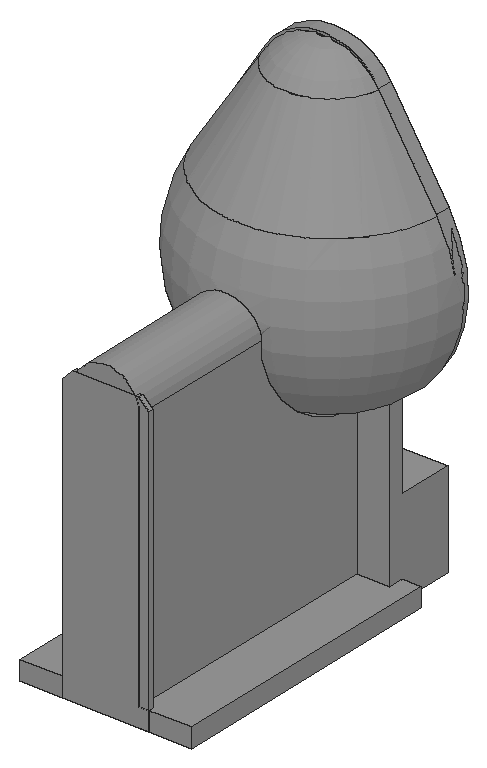
Revit family "Toilet-Willoughby-1490-HET-ETW-FM-BS", category Plumbing Fixtures, host Face, Revit 2014
Parameters (values of type "Standard")
  Waste DIA = 2 1/4"
  Waste Connection = yes
  W-RAD [instance] = Waste DIA / 2  # 0' - 1 1/8"
  Vent Connection = no
  URL = "www.willoughby-ind.com"
  Type Comments = ""
  Revision = "A"
  Model = "ETW-1490-HET-FM-BS"
  Manufacturer = "Willoughby Industries"
  HW Connection = no
  Flush inlet DIA = 1 1/2"
  Flush Inlet Connection = yes
  Fixture Body = Stainless Steel AISI 304-Willoughby
  F-RAD [instance] = Flush inlet DIA / 2  # 0' - 0 3/4"
  Description = "Floor Mounted Toilet"
  Default Elevation = 0' - 0"
  Contact Number = "(800) 428-4065"
  CW Connection = no
Reference planes (in)
  plane 1 "Base": y = -16.25
  plane 2: z = 0
  plane 3 "Center": x = 18.31072
  plane 4 "Waste height": y = -4.75
  plane 5: y = -1.25
  plane 6: z = -6.75
  plane 7: y = -2.125
  plane 8: y = -14.0625
  plane 9: y = 0.5
  plane 10: x = 16.56072
  plane 11: x = 20.06072
  plane 12: x = 11.56072
  plane 13: x = 25.06072
Forms (in)
  Extrusion 1, solid, material "Stainless Steel AISI 304-Willoughby" <- "Fixture Body"
    sketch origin (16.08109, 7.47968, -7.1422) x (-1, 0, 0) y (0, 0, -1)
      loop
        line (1.29775, -16.80087) -> (1.29775, -7.1422) -> (-5.72963, -7.1422) -> (-5.72963, -16.81676)
        arc (-5.72963, -16.81676) -> (-8.98136, -21.11843) -> (-8.21015, -26.45542) r 7
        line (-8.21015, -26.45542) -> (-5.16818, -31.31054)
        arc (-5.16818, -31.31054) -> (-2.20225, -32.95225) -> (0.76368, -31.31054) r 3.5
        line (0.76368, -31.31054) -> (3.80565, -26.45542)
        arc (3.80565, -26.45542) -> (4.5729, -21.10311) -> (1.29775, -16.80087) r 7
      loop
        arc (2.03989, -24.70557) -> (-2.20225, -18.23804) -> (-6.44438, -24.70557) r 4.625
        line (-6.44438, -24.70557) -> (-4.04125, -30.23842)
        arc (-4.04125, -30.23842) -> (-2.20225, -31.45225) -> (-0.36324, -30.23842) r 2
        line (-0.36324, -30.23842) -> (2.03989, -24.70557)
    from 8.72968 to 9.5
  Revolve 2, solid, material "Stainless Steel AISI 304-Willoughby" <- "Fixture Body"
    sketch origin (19.37246, -1.52032, -3.93826) x (-1, 0, 0) y (0, 0, -1)
      loop
        line (1.06174, -12.59906) -> (1.06174, -12.84906)
        arc (1.06174, -12.84906) -> (6.96784, -16.33096) -> (6.78077, -23.18447) r 6.75
        line (6.78077, -23.18447) -> (3.81535, -27.91457)
        arc (3.81535, -27.91457) -> (2.63527, -29.03194) -> (1.06174, -29.43826) r 3.25
        line (1.06174, -29.43826) -> (1.06174, -29.68826)
        arc (1.06174, -29.68826) -> (2.75672, -29.25045) -> (4.02767, -28.04656) r 3.5
        line (4.02767, -28.04656) -> (7.06964, -23.19143)
        arc (7.06964, -23.19143) -> (7.15052, -16.14555) -> (1.06174, -12.59906) r 7
      axis (1.06174, -12.59906) -> (1.06174, -29.68826)
    angle from 0 to -180
  Extrusion 3, solid, material "Stainless Steel AISI 304-Willoughby" <- "Fixture Body"
    sketch origin (19.53334, -3.02032, -4.9508) x (0, 1, 0) y (0, 0, 1)
      loop
        line (-5.27082, 4.9508) -> (1, 4.9508) -> (1, 13.76086)
        arc (1, 13.76086) -> (-2.93256, 15.26109) -> (-5.27082, 18.76086) r 6.92744
        line (-5.27082, 18.76086) -> (-5.27082, 4.9508)
    from 0.52738 to -2.97262
  Extrusion 4, solid, material "Stainless Steel AISI 304-Willoughby" <- "Fixture Body"
    sketch origin (0, 14.59309, -3) x (1, 0, 0) y (0, 1, 0)
      loop
        circle (18.31072, -19.34309) r 1.125
    from 5.5 to 0
  Extrusion 5, solid, material "Stainless Steel AISI 304-Willoughby" <- "Fixture Body"
    sketch origin (18.31072, 0, -1) x (0, 1, 0) y (0, 0, 1)
      loop
        line (-1.25, 1) -> (1.75, 1) -> (1.75, 6) -> (-1.25, 6) -> (-1.25, 1)
    from -3.52738 to 3.5
  Extrusion 6, solid, material "Stainless Steel AISI 304-Willoughby" <- "Fixture Body"
    sketch origin (0, 0, 0) x (1, 0, 0) y (0, 1, 0)
      loop
        circle (18.31072, 0.5) r 0.75
    from 0 to 1
  Extrusion 7, solid, material "Stainless Steel AISI 304-Willoughby" <- "Fixture Body"
    sketch origin (0, -16.25, 0) x (1, 0, 0) y (0, 0, 1)
      loop
        line (22.81072, 0) -> (22.81072, 1) -> (13.81072, 1) -> (13.81072, 0) -> (22.81072, 0)
    from -15 to 0
  Extrusion 8, solid, material "Stainless Steel AISI 304-Willoughby" <- "Fixture Body"
    sketch origin (0, -16.25, 0) x (1, 0, 0) y (0, 0, 1)
      loop
        line (20.06072, 0) -> (20.06072, 14.68252)
        arc (20.06072, 14.68252) -> (18.31072, 16.43252) -> (16.56072, 14.68252) r 1.75
        line (16.56072, 14.68252) -> (16.56072, 0) -> (20.06072, 0)
    from 0 to -7.95886
  Extrusion 9, solid, material "Stainless Steel AISI 304-Willoughby" <- "Fixture Body"
    sketch origin (0, -16.25, 0) x (1, 0, 0) y (0, 0, 1)
      loop
        line (20.06072, 0) -> (20.56072, 0) -> (20.56072, 15) -> (20.03039, 15.53033) -> (16.59105, 15.53033) -> (16.06072, 15) -> (16.06072, 0) -> (16.56072, 0) -> (20.06072, 0)
    from 0 to -0.25
Cuts and joins
  joined: Extrusion 1, Revolve 2, Extrusion 3, Extrusion 5, Extrusion 7, Extrusion 8
Lines and regions (in)
  model lines, detail levels coarse+medium
    curve 1: line (18.31072, -16.25, 0) -> (18.31072, -16.25, 16.43252)
    curve 2: line (18.31072, -16.25, 16.43252) -> (18.31072, -8.47657, 16.43252)
  symbolic lines
    curve 3: line (11.28334, -2.02032, 0) -> (11.28334, -1.25, 0)
    curve 4: line (11.28334, -1.25, 0) -> (25.28334, -1.25, 0)
    curve 5: line (25.28334, -1.25, 0) -> (25.28334, -2.02032, 0)
    curve 6: arc (25.28334, -2.02032, 0) -> (23.07312, -6.63334, 0) -> (18.31072, -8.5, 0) r 6.9789
    curve 7: arc (18.31072, -8.5, 0) -> (13.53443, -6.62948, 0) -> (11.28334, -2.02032, 0) r 7.06327
    curve 8: line (22.81072, -6.8652, 0) -> (22.81072, -16.25, 0)
    curve 9: line (22.81072, -16.25, 0) -> (13.81072, -16.25, 0)
    curve 10: line (13.81072, -16.25, 0) -> (13.81072, -6.87126, 0)
    curve 11: line (16.56072, -8.27677, 0) -> (16.56072, -16.25, 0)
    curve 12: line (16.56072, -16, 0) -> (16.06072, -16, 0)
    curve 13: line (16.06072, -16, 0) -> (16.06072, -16.25, 0)
    curve 14: line (20.03039, -16, 0) -> (20.56072, -16, 0)
    curve 15: line (20.56072, -16, 0) -> (20.56072, -16.25, 0)
    curve 16: line (20.06072, -8.28003, 0) -> (20.06072, -16.25, 0)
    curve 17: line (14.78334, -1.25, 0) -> (14.78334, 1.75, 0)
    curve 18: line (14.78334, 1.75, 0) -> (21.81072, 1.75, 0)
    curve 19: line (21.81072, 1.75, 0) -> (21.81072, -1.25, 0)
    curve 20: line (14.78334, -16.25, 9.61451) -> (14.78334, -16.25, 0)
    curve 21: line (14.78334, -16.25, 1) -> (13.81072, -16.25, 1)
    curve 22: line (13.81072, -16.25, 1) -> (13.81072, -16.25, 0)
    curve 23: line (13.81072, -16.25, 0) -> (22.81072, -16.25, 0)
    curve 24: line (22.81072, -16.25, 0) -> (22.81072, -16.25, 1)
    curve 25: line (22.81072, -16.25, 1) -> (21.81072, -16.25, 1)
    curve 26: line (21.81072, -16.25, 0) -> (21.81072, -16.25, 9.59862)
    curve 27: arc (21.81072, -16.25, 9.59862) -> (25.09165, -16.25, 13.93485) -> (24.29124, -16.25, 19.31322) r 7.01932
    curve 28: line (24.29124, -16.25, 19.31322) -> (21.24927, -16.25, 24.16835)
    curve 29: arc (21.24927, -16.25, 24.16835) -> (19.97832, -16.25, 25.37224) -> (18.28334, -16.25, 25.81005) r 3.5
    curve 30: arc (18.28334, -16.25, 25.81005) -> (16.58835, -16.25, 25.37224) -> (15.31741, -16.25, 24.16835) r 3.5
    curve 31: line (15.31741, -16.25, 24.16835) -> (12.35249, -16.25, 19.43905)
    curve 32: arc (12.35249, -16.25, 19.43905) -> (11.48369, -16.25, 14.01109) -> (14.78334, -16.25, 9.61451) r 7.03692
    curve 39: line (18.31072, -16.25, 0) -> (18.31072, 1.75, 0)
    curve 40: line (18.31072, 1.75, 0) -> (18.31072, 1.75, 5)
    curve 41: line (18.31072, 1.75, 5) -> (18.31072, -1.25, 5)
    curve 42: line (18.31072, -1.25, 5) -> (18.31072, -1.25, 25.81005)
    curve 43: line (18.31072, -1.25, 25.81005) -> (18.31072, -2.02032, 25.81005)
    curve 44: arc (18.31072, -2.02032, 25.81005) -> (18.31072, -3.43216, 25.2112) -> (18.31072, -4.47778, 24.08932) r 3.68349
    curve 45: line (18.31072, -4.47778, 24.08932) -> (18.31072, -7.52822, 19.25317)
    curve 46: arc (18.31072, -7.52822, 19.25317) -> (18.31072, -8.1713, 17.89963) -> (18.31072, -8.47657, 16.43252) r 6.30112
    curve 47: arc (18.31072, -8.47657, 16.43252) -> (18.31072, -8.31171, 15.16364) -> (18.31072, -8.29114, 13.88426) r 11.31682
    curve 48: line (18.31072, -8.47657, 16.43252) -> (18.31072, -16.25, 16.43252)
    curve 49: line (18.31072, -16.25, 16.43252) -> (18.31072, -16.25, 0)
    curve 50: line (18.31072, -16.25, 1) -> (18.31072, -2.02032, 1)
    curve 51: line (18.31072, -2.02032, 1) -> (18.31072, -2.02032, 9.61927)
    curve 52: line (18.31072, -2.02032, 9.61927) -> (18.31072, -1.25, 9.61927)
    curve 53: arc (18.31072, -2.02032, 8.81005) -> (18.31072, -5.98257, 10.32533) -> (18.31072, -8.29114, 13.88426) r 6.84521
  symbolic lines, detail levels medium+fine
    curve 33: line (14.78334, -16.25, 5) -> (21.81072, -16.25, 5)
  symbolic lines, detail levels fine
    curve 34: line (22.52547, -16.25, 17.56337) -> (20.12234, -16.25, 23.09622)
    curve 35: line (16.44433, -16.25, 23.09622) -> (14.0412, -16.25, 17.56337)
    curve 36: arc (14.0412, -16.25, 17.56337) -> (18.28334, -16.25, 11.09585) -> (22.52547, -16.25, 17.56337) r 4.625
    curve 37: arc (20.12234, -16.25, 23.09622) -> (19.38317, -16.25, 23.97635) -> (18.28334, -16.25, 24.31005) r 2.01767
    curve 38: arc (18.28334, -16.25, 24.31005) -> (17.18351, -16.25, 23.97635) -> (16.44433, -16.25, 23.09622) r 2.01767
Dimensions and locks (in)
  plane 1 "Base" to plane 4 "Waste height" = 0' - 11 1/2"
  plane 1 "Base" to plane 5 = 1' - 3"
  locked: cut or joined group of Extrusion 1, Revolve 2, Extrusion 3, Extrusion 5, Extrusion 7, Extrusion 8 to cut or joined group of Extrusion 1, Revolve 2, Extrusion 3, Extrusion 5, Extrusion 7, Extrusion 8 at 9
  locked: plane 1 "Base" to plane 9 at 16.75
  "W-RAD": radius of Extrusion 4 sketch curve
  "F-RAD": radius of Extrusion 6 sketch curve
  aligned and locked: plane 2 to host face
  aligned and locked: level to host face
  aligned and locked: plane 3 "Center" to Extrusion 4 sketch curve
  aligned and locked: plane 4 "Waste height" to Extrusion 4 sketch curve
  aligned and locked: plane 9 to Extrusion 6 sketch curve
  aligned and locked: plane 3 "Center" to Extrusion 6 sketch curve
  aligned and locked: cut or joined group of Extrusion 1, Revolve 2, Extrusion 3, Extrusion 5, Extrusion 7, Extrusion 8 to Extrusion 1
Automatic sketch dimensions
  host sketch curve to host sketch curve = 6' - 2.13761"
  host sketch curve to host sketch curve = 4' - 3.7245"
  Extrusion 1 sketch curve to Extrusion 1 sketch curve = 0' - 0"  (x8)
  Extrusion 1 sketch curve to level = 0' - 0"
  plane 3 "Center" to Extrusion 1 sketch curve = 0' - 5.98052"
  Extrusion 1 sketch curve to Extrusion 1 sketch curve = 0' - 1.76576"  (x2)
  plane 3 "Center" to Extrusion 1 sketch curve = 0' - 3 1/2"
  plane 3 "Center" to Extrusion 1 sketch curve = 0' - 2.93855"
  Extrusion 1 sketch curve to Extrusion 1 sketch curve = 0' - 1.12693"  (x2)
  Extrusion 1 sketch curve to plane 3 "Center" = 0' - 0.02738"  (x2)
  Extrusion 1 sketch curve to plane 3 "Center" = 0' - 1.86639"
  Extrusion 1 sketch curve to plane 3 "Center" = 0' - 3.52738"
  Extrusion 1 sketch curve to plane 3 "Center" = 0' - 4 69/256"
  Extrusion 1 sketch curve to Extrusion 1 sketch curve = 0' - 9.65867"
  Extrusion 1 sketch curve to Extrusion 1 sketch curve = 0' - 0.01589"
  Extrusion 1 sketch curve to Extrusion 1 sketch curve = 0' - 6.06218"
  Extrusion 1 sketch curve to Extrusion 1 sketch curve = 0' - 1.74985"
  Extrusion 1 sketch curve to Extrusion 1 sketch curve = 0' - 4.74668"
  Extrusion 1 sketch curve to Extrusion 1 sketch curve = 0' - 0.78617"
  Extrusion 1 sketch curve to Extrusion 1 sketch curve = 0' - 1.07212"
  Revolve 2 sketch curve to Revolve 2 sketch curve = 0' - 0"  (x2)
  Revolve 2 sketch curve to plane 3 "Center" = 0' - 0"  (x3)
  plane 3 "Center" to Revolve 2 sketch curve = 0' - 0"
  Revolve 2 sketch curve to plane 3 "Center" = 0' - 2.75361"
  Revolve 2 sketch curve to Revolve 2 sketch curve = 0' - 0.21232"
  Revolve 2 sketch curve to Revolve 2 sketch curve = 0' - 2.96542"
  Revolve 2 sketch curve to Revolve 2 sketch curve = 0' - 0.28887"
  level to Revolve 2 sketch curve = 2' - 1 3/4"
  Revolve 2 sketch curve to Revolve 2 sketch curve = 0' - 0 1/4"
  Revolve 2 sketch curve to Revolve 2 sketch curve = 0' - 1.3917"
  Revolve 2 sketch curve to Revolve 2 sketch curve = 0' - 0.13199"
  Revolve 2 sketch curve to Revolve 2 sketch curve = 0' - 4.85513"
  Revolve 2 sketch curve to Revolve 2 sketch curve = 0' - 0.00696"
  Revolve 2 sketch curve to Revolve 2 sketch curve = 0' - 3 1/4"
  Revolve 2 sketch curve to Revolve 2 sketch curve = 0' - 3.3392"
  Revolve 2 sketch curve to Revolve 2 sketch curve = 0' - 2.4108"
  Extrusion 3 sketch curve to level = 0' - 0"
  plane 4 "Waste height" to Extrusion 3 sketch curve = 0' - 3.54114"
  plane 7 to Extrusion 3 sketch curve = 0' - 0.10468"
  plane 5 to Extrusion 3 sketch curve = 0' - 0.38413"
  Extrusion 3 sketch curve to Extrusion 3 sketch curve = 0' - 8.81005"
  Extrusion 3 sketch curve to Extrusion 3 sketch curve = 0' - 5"
  Extrusion 5 sketch curve to level = 0' - 0"
  Extrusion 5 sketch curve to plane 5 = 0' - 0"
  Extrusion 5 sketch curve to plane 9 = 0' - 1 1/4"
  level to Extrusion 5 sketch curve = 0' - 5"
  Extrusion 7 sketch curve to level = 0' - 0"
  level to Extrusion 7 sketch curve = 0' - 1"
  plane 12 to Extrusion 7 sketch curve = 0' - 2 1/4"
  Extrusion 7 sketch curve to plane 13 = 0' - 2 1/4"
  Extrusion 8 sketch curve to level = 0' - 0"
  Extrusion 8 sketch curve to plane 11 = 0' - 0"
  level to Extrusion 8 sketch curve = 1' - 2.68252"
  plane 10 to Extrusion 8 sketch curve = 0' - 0"
  Extrusion 9 sketch curve to level = 0' - 0"
  Extrusion 9 sketch curve to plane 10 = 0' - 0"
  Extrusion 9 sketch curve to plane 11 = 0' - 0"
  Extrusion 9 sketch curve to plane 10 = 0' - 0 1/2"
  plane 10 to Extrusion 9 sketch curve = 0' - 0.03033"
  Extrusion 9 sketch curve to plane 11 = 0' - 0.03033"
  plane 11 to Extrusion 9 sketch curve = 0' - 0 1/2"
  level to Extrusion 9 sketch curve = 1' - 3"
  Extrusion 9 sketch curve to Extrusion 9 sketch curve = 0' - 0"
  Extrusion 9 sketch curve to Extrusion 9 sketch curve = 0' - 0.53033"
  plane 1 "Base" to curve 10 = 0' - 0"
  curve 12 to plane 10 = 0' - 0"
  curve 7 to plane 3 "Center" = 0' - 0"
  curve 6 to plane 3 "Center" = 0' - 0"
  curve 16 to plane 11 = 0' - 0"
  plane 5 to curve 19 = 0' - 0"
  curve 12 to plane 1 "Base" = 0' - 0 1/4"
  curve 12 to plane 10 = 0' - 0 1/2"
  curve 18 to plane 10 = 0' - 1.77738"
  curve 9 to curve 13 = 0' - 2 1/4"
  plane 7 to curve 3 = 0' - 0.10468"
  curve 3 to plane 12 = 0' - 0.27738"
  plane 3 "Center" to curve 6 = 0' - 0.0116"
  plane 3 "Center" to curve 7 = 0' - 0 3/256"
  curve 14 to plane 1 "Base" = 0' - 0 1/4"
  plane 11 to curve 14 = 0' - 0 1/2"
  curve 8 to plane 13 = 0' - 2 1/4"
  curve 8 to curve 4 = 0' - 2.47262"
  plane 7 to curve 5 = 0' - 0.10468"
  curve 18 to plane 9 = 0' - 1 1/4"
  curve 14 to plane 11 = 0' - 0.03033"
  plane 11 to curve 19 = 0' - 1 3/4"
  curve 29 to curve 30 = 0' - 0"
  curve 23 to level = 0' - 0"
  plane 12 to curve 31 = 0' - 0.79177"
  plane 12 to curve 23 = 0' - 2 1/4"
  plane 12 to curve 35 = 0' - 2 123/256"
  curve 20 to plane 10 = 0' - 1.77738"
  curve 37 to plane 3 "Center" = 0' - 0.03902"
  curve 37 to curve 30 = 0' - 0.01164"
  curve 36 to plane 3 "Center" = 0' - 0.02738"
  curve 27 to plane 3 "Center" = 0' - 0.02018"
  curve 38 to plane 3 "Center" = 0' - 0.01574"
  plane 3 "Center" to curve 32 = 0' - 0 1/256"
  plane 11 to curve 34 = 0' - 0.06162"
  plane 11 to curve 28 = 0' - 1.18855"
  plane 11 to curve 26 = 0' - 1 3/4"
  plane 11 to curve 34 = 0' - 2.46475"
  curve 25 to curve 24 = 0' - 1"
  curve 28 to plane 13 = 0' - 0.76948"
  level to curve 22 = 0' - 1"
  level to curve 24 = 0' - 1"
  curve 25 to curve 26 = 0' - 8.59862"
  curve 26 to curve 20 = 0' - 0.01589"
  curve 20 to curve 27 = 0' - 6.05693"
  curve 27 to curve 32 = 0' - 0.02979"
  curve 32 to curve 36 = 0' - 0.01961"
  curve 35 to curve 32 = 0' - 1.87568"
  curve 34 to curve 38 = 0' - 4.72905"
  curve 37 to curve 38 = 0' - 0"
  curve 38 to curve 29 = 0' - 0.01763"
  curve 38 to curve 34 = 0' - 0.80381"
  curve 37 to curve 28 = 0' - 1.07212"
  curve 35 to plane 10 = 0' - 0.11639"
  curve 37 to plane 3 "Center" = 0' - 0.02738"
  curve 21 to curve 33 = 0' - 4"
  curve 35 to curve 30 = 0' - 1.07212"
  curve 2 to plane 1 "Base" = 0' - 0"
  curve 52 to plane 5 = 0' - 0"
  curve 40 to level = 0' - 0"
  plane 1 "Base" to curve 47 = 0' - 3.34869"
  plane 4 "Waste height" to curve 2 = 0' - 3 93/128"
  plane 4 "Waste height" to curve 45 = 0' - 2.77822"
  curve 45 to plane 4 "Waste height" = 0' - 0.27222"
  curve 46 to plane 7 = 0' - 0.07372"
  plane 7 to curve 43 = 0' - 0.10468"
  plane 7 to curve 52 = 0' - 0.10468"
  plane 5 to curve 53 = 0' - 0.42669"
  plane 5 to curve 44 = 0' - 0.0694"
  curve 40 to plane 9 = 0' - 1 1/4"
  level to curve 50 = 0' - 1"
  curve 50 to curve 41 = 0' - 4"
  curve 41 to curve 52 = 0' - 4.61927"
  curve 51 to curve 53 = 0' - 6 7/256"
  curve 53 to curve 46 = 0' - 0.24491"
  curve 47 to curve 2 = 0' - 2.09023"
  curve 46 to curve 44 = 0' - 6.30232"
  curve 44 to curve 45 = 0' - 1.89546"
  curve 47 to curve 47 = 0' - 0.18544"
  curve 53 to curve 51 = 0' - 0.80922"
Connectors (in)
  piping at (18.31072, -4.75, -3), diameter 2.25, driven by "W-RAD", driven by "Waste Connection"
    settings: on Extrusion 4, index 1, connector inside diameter 2 1/4", connector length 0' - 0", flow factor 0, pipe flow 0 GPM, pressure drop 0.00 psi, fitting loss kfactor 0, connector angle 0.00°, fixture units 0, engagement length 0' - 0", angle of deflection 0.00°, flow configuration 0, flow direction 2, fitting loss method 0, system type 16, joint type 0, gender type 0, connector reference index -1, connector utility 1, adjustable connector no, is connector primary yes, connector description "Toilet Waste"
  piping at (18.31072, 0.5, 1), diameter 1.5, driven by "F-RAD", driven by "Flush Inlet Connection"
    settings: on Extrusion 6, index 2, connector inside diameter 1 1/2", connector length 0' - 0", flow factor 0, pipe flow 0 GPM, pressure drop 0.00 psi, fitting loss kfactor 0, connector angle 0.00°, fixture units 0, engagement length 0' - 0", angle of deflection 0.00°, flow configuration 0, flow direction 1, fitting loss method 0, system type 20, joint type 0, gender type 0, connector reference index -1, connector utility 1, adjustable connector no, is connector primary no, connector description "Flush Inlet"
